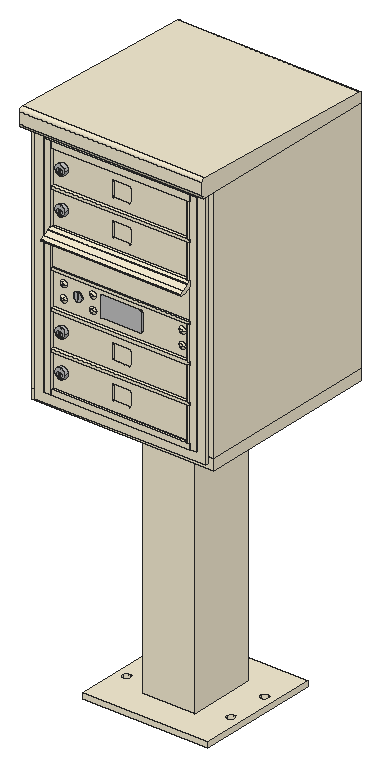
Revit family "Mailboxes_4C-Salsbury_Industries-Pedestal_Mounted-6_Door_High_Units", category Specialty Equipment, Revit 2016 (continued)
Definition of nested family "Mailboxes_4C-Salsbury_Industries-Front_Load-6_Door_High_Units"
  Definition of nested family "3700 Series 4C Door Configurations"
    Dimensions and locks (in)
      equal spacing: plane 8, plane 9, plane 2 "Bottom of Door"
      locked: plane 14 "Divider Height Align" to plane 8 at 0.27
      plane 17 to plane 9 to plane 18 = 0.37515" locked, 0.37452" locked
      aligned and locked: level to plane 2 "Bottom of Door"
      aligned and locked: plane 4 "Left Side Face of Door" to Extrusion 1
      aligned and locked: plane 6 "Back Face of Door" to Extrusion 1
      aligned and locked: plane 7 "Front Face of Door" to Extrusion 1
      aligned and locked: plane 8 to Extrusion 1
      aligned and locked: Extrusion 3 sketch curve to plane 4 "Left Side Face of Door"
      aligned and locked: Extrusion 3 sketch curve to plane 6 "Back Face of Door"
      aligned and locked: plane 5 "Right Side Face of Door" to Extrusion 3 sketch curve
      aligned and locked: Extrusion 3 to plane 8
      aligned and locked: plane 10 "Face of Divider" to Extrusion 3 sketch curve
      aligned and locked: plane 14 "Divider Height Align" to Extrusion 3
      aligned and locked: cut or joined group of Extrusion 1, Extrusion 6 to plane 2 "Bottom of Door"
      aligned and locked: plane 18 to text3d elem
    Automatic sketch dimensions
      Extrusion 1 sketch curve to plane 4 "Left Side Face of Door" = 0.000"
      Extrusion 1 sketch curve to plane 6 "Back Face of Door" = 0.000"
      Extrusion 1 sketch curve to plane 7 "Front Face of Door" = 0.000"
      Extrusion 1 sketch curve to plane 5 "Right Side Face of Door" = 0.000"
      Extrusion 1 sketch curve to plane 4 "Left Side Face of Door" = 0.252"
      plane 5 "Right Side Face of Door" to Extrusion 1 sketch curve = 0.63125"
      Extrusion 1 sketch curve to plane 7 "Front Face of Door" = 0.10935"
      plane 5 "Right Side Face of Door" to Extrusion 1 sketch curve = 0.195"
      Extrusion 1 sketch curve to plane 7 "Front Face of Door" = 0.14468"
      plane 10 "Face of Divider" to Extrusion 1 sketch curve = 0.12271"
      plane 1 "Center (Front/Back)" to Extrusion 1 sketch curve = 0.05445"
      plane 10 "Face of Divider" to Extrusion 1 sketch curve = 0.16676"
      Blend 2 sketch curve to plane 9 = 0.000"  (x2)
      plane 11 "Center Lock Vertical" to Blend 2 sketch curve = 0.000"  (x2)
      plane 11 "Center Lock Vertical" to Extrusion 4 sketch curve = 0.000"
      Extrusion 4 sketch curve to plane 9 = 0.120"
      Extrusion 4 sketch curve to Extrusion 4 sketch curve = 0.285"
      plane 11 "Center Lock Vertical" to Extrusion 5 sketch curve = 0.02933"
      Extrusion 5 sketch curve to plane 11 "Center Lock Vertical" = 0.03067"
      Extrusion 5 sketch curve to plane 9 = 0.2917"
      plane 9 to Extrusion 5 sketch curve = 0.0083"
      Extrusion 6 sketch curve to plane 9 = 0.750"
      Extrusion 6 sketch curve to Extrusion 6 sketch curve = 0.125"  (x3)
      plane 9 to Extrusion 6 sketch curve = 0.625"  (x2)
      plane 3 "Center (Left/Right)" to Extrusion 6 sketch curve = 0.7775"
      plane 15 "Inset Center" to Extrusion 6 sketch curve = 0.750"
      curve 1 to plane 9 = 0.000"
      plane 11 "Center Lock Vertical" to curve 1 = 0.000"
      radius of Blend 2 sketch curve = 0.525"
      radius of Blend 2 sketch curve = 0.485"
      radius of curve 1 = 0.53054"
  Definition of nested family "3700 Series 4C OM2 Configuration"
    Parameters (values of type "OM2-FL")
      Weight = ""
      URL = ""
      Access Lock Offset = 0.000"
      Access Lock = yes
      Model = "3700OM2-FL"
      Manufacturer = "Salsbury Industries"
      Lock Material = none
      Front Panel Material = none
      Door Width = 13.375"
      Door Number [instance] = "101"
      Door Height = 7.00047"
      Door Depth = 0.25391"
      Description = "OM2 Door for 3700 Series 4C Mailboxes-Front Loading"
      Cost = 0
      Center Lock-Vertical = 2.360"
      Center Lock-Horizontal = 1.61523"
    Types (3): name | Access Lock Offset | Access Lock | Model | Description
      (no name) | 0.000" | yes | "3700OM2-FL" | "OM2 Door for 3700 Series 4C Mailboxes-Front Loading"
      OM2-FL | 0.000" | yes | "3700OM2-FL" | "OM2 Door for 3700 Series 4C Mailboxes-Front Loading"
      OM2-RL | 0.3125" | no | "3700OM2-RL" | "OM2 Door for 3700 Series 4C Mailboxes-Rear Loading"
    Reference planes (in)
      plane 1 "Center (Front/Back)": y = 0
      plane 2 "Bottom of Door": z = 0
      plane 3 "Center (Left/Right)": x = 0
      plane 4 "Left Side Face of Door": x = -6.6875
      plane 5 "Right Side Face of Door": x = 6.6875
      plane 6 "Back Face of Door": y = 0.12695
      plane 7 "Front Face of Door": y = -0.12695
      plane 8: z = 3.23047
      plane 9: z = 1.61523
      plane 10: y = -0.46995
      plane 11 "Center Lock Vertical": x = -4.3275
      plane 12 "Center Lock Horizontal": z = 1.61523
      plane 13 "Face of Lock": y = -0.42383
      plane 14 "Divider Height Align": z = 3.50047
      plane 15 "Plate Center": x = -0.16063
      plane 16 "Left Stud Align": x = -5.7025
      plane 17 "Right Stud Align": x = -2.8895
      plane 18 "Top Stud Align": z = 2.27147
      plane 19 "Bottom Stud Align": z = 0.95947
      plane 20 "Hinge Stud Align": x = 5.6875
      plane 21 "Mail Plate Top": z = 2.61547
      plane 22 "Mail Plate Bottom": z = 0.61547
      plane 23: x = -2.1595
      plane 24: x = 1.8405
      plane 25 "Face of Mail Plate": y = -0.16602
      plane 26 "Top of Mail Drop Door": z = 6.73094
      plane 27 "Top of Mail Drop Divider": z = 7.00047
      plane 28 "Face of Mail Drop": y = -0.31995
      plane 29 "Top of Mail Slot": z = 6.42087
      plane 30 "Bottom of Mail Slot": z = 5.67087
      plane 31 "Left Edge of Mail Slot": x = -5.3755
      plane 32 "Right Edge of Mail Slot": x = 5.3755
      plane 33 "Mail Slot Bottom Protusion": z = 6.50987
      plane 34: y = -0.49395
      plane 35: z = 6.15637
      plane 36 "Front of Awning": y = -1.63495
      plane 37: y = -1.15685
      plane 38 "Mail Slot Slope": through (-240, -0.44582, 6.9722) normal (0, -0.5, 0.866)
      plane 39 "Access Lock Offset": y = 0.12695
    Forms (in)
      Extrusion 1, solid, material <- "Front Panel Material"
        sketch origin (0, 0, 0) x (1, 0, 0) y (0, 1, 0)
          loop
            line (-6.4355, 0.12695) -> (-6.6875, -0.05445) -> (-6.6875, -0.12695) -> (6.05625, -0.12695)
            arc (6.05625, -0.12695) -> (6.19558, -0.17661) -> (6.27209, -0.3032) r 0.22029
            arc (6.27209, -0.3032) -> (6.3553, -0.42132) -> (6.4925, -0.46664) r 0.23034
            arc (6.4925, -0.46664) -> (6.63039, -0.40952) -> (6.6875, -0.27164) r 0.195
            line (6.6875, -0.27164) -> (6.6875, 0.12695) -> (-6.4355, 0.12695)
        from 0 to 3.23047
      Extrusion 2, solid, material <- "Front Panel Material"
        sketch origin (0, 0, 3.50047) x (-1, 0, 0) y (0, -1, 0)
          loop
            line (6.6875, -0.12695) -> (6.6875, 0.46995) -> (-6.6875, 0.46995) -> (-6.6875, -0.12695) -> (6.6875, -0.12695)
        from -0.27 to 0
      Extrusion 3, void
        sketch origin (0, 0.12695, 0) x (0, 0, -1) y (-1, 0, 0)
          loop
            circle (-1.61523, 4.3275) r 0.4375
        from 0 to -0.25391
      Extrusion 4, solid, material <- "Lock Material", visible <- "Access Lock"
        sketch origin (0, 0.12695, 0) x (0, 0, -1) y (-1, 0, 0)
          loop
            circle (-1.61523, 4.3275) r 0.42913
        from 0 to -0.25391
      Extrusion 5, void, detail levels fine
        sketch origin (0, 0.12695, 3.4) x (-1, 0, 0) y (0, 0, 1)
          loop
            line (4.3568, -1.47517) -> (4.2982, -1.47517) -> (4.2982, -2.09436) -> (4.3568, -2.09436) -> (4.3568, -1.47517)
        from -0.12695 to -0.25391
      Blend 6, solid, material <- "Front Panel Material", detail levels medium+fine
        base sketch origin (0, -0.12695, 2.68123) x (-1, 0, 0) y (0, 0, 1)
          loop
            circle (5.7025, -0.40977) r 0.15665
        top sketch origin (0, -0.12695, 2.68123) x (-1, 0, 0) y (0, 0, 1)
          loop
            circle (5.7025, -0.40977) r 0.3125
        from -0.11328 to 0
      Blend 7, solid, material <- "Front Panel Material", detail levels medium+fine
        base sketch origin (1.3125, -0.12695, 2.68123) x (-1, 0, 0) y (0, 0, 1)
          loop
            circle (4.202, -0.40977) r 0.15665
        top sketch origin (1.3125, -0.12695, 2.68123) x (-1, 0, 0) y (0, 0, 1)
          loop
            circle (4.202, -0.40977) r 0.3125
        from -0.11328 to 0
      Blend 8, solid, material <- "Front Panel Material", detail levels medium+fine
        base sketch origin (0, -0.12695, 1.36923) x (-1, 0, 0) y (0, 0, 1)
          loop
            circle (5.7025, -0.40977) r 0.15665
        top sketch origin (0, -0.12695, 1.36923) x (-1, 0, 0) y (0, 0, 1)
          loop
            circle (5.7025, -0.40977) r 0.3125
        from -0.11328 to 0
      Blend 9, solid, material <- "Front Panel Material", detail levels medium+fine
        base sketch origin (1.3125, -0.12695, 1.36923) x (-1, 0, 0) y (0, 0, 1)
          loop
            circle (4.202, -0.40977) r 0.15665
        top sketch origin (1.3125, -0.12695, 1.36923) x (-1, 0, 0) y (0, 0, 1)
          loop
            circle (4.202, -0.40977) r 0.3125
        from -0.11328 to 0
      Blend 10, solid, material <- "Front Panel Material", detail levels medium+fine
        base sketch origin (9.8895, -0.12695, 2.68123) x (-1, 0, 0) y (0, 0, 1)
          loop
            circle (4.202, -0.40977) r 0.15665
        top sketch origin (9.8895, -0.12695, 2.68123) x (-1, 0, 0) y (0, 0, 1)
          loop
            circle (4.202, -0.40977) r 0.3125
        from -0.11328 to 0
      Blend 11, solid, material <- "Front Panel Material", detail levels medium+fine
        base sketch origin (9.8895, -0.12695, 1.36923) x (-1, 0, 0) y (0, 0, 1)
          loop
            circle (4.202, -0.40977) r 0.15665
        top sketch origin (9.8895, -0.12695, 1.36923) x (-1, 0, 0) y (0, 0, 1)
          loop
            circle (4.202, -0.40977) r 0.3125
        from -0.11328 to 0
      Extrusion 12, solid, material <- "Lock Material"
        sketch origin (0, -0.12695, 0) x (-1, 0, 0) y (0, 0, 1)
          loop
            line (1.96028, 2.61547) -> (-1.64128, 2.61547)
            arc (-1.64128, 2.61547) -> (-1.78215, 2.55712) -> (-1.8405, 2.41625) r 0.19922
            line (-1.8405, 2.41625) -> (-1.8405, 0.81469)
            arc (-1.8405, 0.81469) -> (-1.78215, 0.67382) -> (-1.64128, 0.61547) r 0.19922
            line (-1.64128, 0.61547) -> (1.96028, 0.61547)
            arc (1.96028, 0.61547) -> (2.10115, 0.67382) -> (2.1595, 0.81469) r 0.19922
            line (2.1595, 0.81469) -> (2.1595, 2.41625)
            arc (2.1595, 2.41625) -> (2.10115, 2.55712) -> (1.96028, 2.61547) r 0.19922
        from 0 to -0.03906
      Extrusion 13, solid, material <- "Front Panel Material"
        sketch origin (-2.13946, 0, 3.50047) x (-1, 0, 0) y (0, -1, 0)
          loop
            line (4.54804, -0.12695) -> (4.54804, 0.31995) -> (-8.82696, 0.31995) -> (-8.82696, -0.12695) -> (4.54804, -0.12695)
        from 0 to 3.0094
      Extrusion 14, void
        sketch origin (0, -0.31995, 0) x (0, 0, -1) y (-1, 0, 0)
          loop
            arc (-5.67087, 5.0005) -> (-6.04587, 5.3755) -> (-6.42087, 5.0005) r 0.375
            line (-6.42087, 5.0005) -> (-6.42087, -5.0005)
            arc (-6.42087, -5.0005) -> (-6.04587, -5.3755) -> (-5.67087, -5.0005) r 0.375
            line (-5.67087, -5.0005) -> (-5.67087, 5.0005)
        from 0 to 0.44691
      Extrusion 15, solid, material <- "Front Panel Material"
        sketch origin (0, 0, 0) x (0, 1, 0) y (0, 0, 1)
          loop
            line (0.12695, 6.50987) -> (0.12695, 7.00047) -> (-0.46995, 7.00047) -> (-0.75605, 6.83078) -> (-0.73973, 6.80251) -> (-1.27431, 6.49388) -> (-1.29063, 6.52214) -> (-1.61027, 6.3376)
            arc (-1.61027, 6.3376) -> (-1.63087, 6.31111) -> (-1.62714, 6.27777) r 0.04454
            line (-1.62714, 6.27777) -> (-1.5282, 6.17883)
            arc (-1.5282, 6.17883) -> (-1.4937, 6.16211) -> (-1.4558, 6.15637) r 0.12791
            line (-1.4558, 6.15637) -> (-1.10623, 6.15637) -> (-0.49395, 6.50987) -> (0.12695, 6.50987)
        from -6.6875 to 6.6875
    Cuts and joins
      Extrusion 3 cuts Extrusion 1
      Extrusion 5 cuts Extrusion 4
      Extrusion 14 cuts Extrusion 13
    Lines and regions (in)
      symbolic lines
        curve 1: circle (-5.7025, -0.12695, 2.27147) r 0.3125 normal (0, 1, 0)
        curve 2: circle (-5.7025, -0.12695, 0.95947) r 0.3125 normal (0, 1, 0)
        curve 3: circle (-2.8895, -0.12695, 0.95947) r 0.3125 normal (0, 1, 0)
        curve 4: circle (-2.8895, -0.12695, 2.27147) r 0.3125 normal (0, 1, 0)
        curve 5: circle (-4.3275, -0.12695, 1.61523) r 0.42913 normal (0, 1, 0)
        curve 6: circle (5.6875, -0.12695, 0.95947) r 0.3125 normal (0, 1, 0)
        curve 7: circle (5.6875, -0.12695, 2.27147) r 0.3125 normal (0, 1, 0)
        curve 8: arc (-2.1595, -0.12695, 2.41625) -> (-2.10115, -0.12695, 2.55712) -> (-1.96028, -0.12695, 2.61547) r 0.19922
        curve 9: arc (1.8405, -0.12695, 2.41625) -> (1.78215, -0.12695, 2.55712) -> (1.64128, -0.12695, 2.61547) r 0.19922
        curve 10: arc (1.8405, -0.12695, 0.81469) -> (1.78215, -0.12695, 0.67382) -> (1.64128, -0.12695, 0.61547) r 0.19922
        curve 11: arc (-1.96028, -0.12695, 0.61547) -> (-2.10115, -0.12695, 0.67382) -> (-2.1595, -0.12695, 0.81469) r 0.19922
        curve 12: line (-2.1595, -0.12695, 0.81469) -> (-2.1595, -0.12695, 2.41625)
        curve 13: line (-1.96028, -0.12695, 2.61547) -> (1.64128, -0.12695, 2.61547)
        curve 14: line (1.8405, -0.12695, 2.41625) -> (1.8405, -0.12695, 0.81469)
        curve 15: line (1.64128, -0.12695, 0.61547) -> (-1.96028, -0.12695, 0.61547)
    Dimensions and locks (in)
      equal spacing: plane 6 "Back Face of Door", plane 1 "Center (Front/Back)", plane 7 "Front Face of Door"
      "Door Depth": plane 6 "Back Face of Door" to plane 7 "Front Face of Door"
      equal spacing: plane 4 "Left Side Face of Door", plane 3 "Center (Left/Right)", plane 5 "Right Side Face of Door"
      "Door Width": plane 4 "Left Side Face of Door" to plane 5 "Right Side Face of Door"
      plane 8 to level = 3.23047"
      equal spacing: plane 8, plane 9, level
      locked: plane 7 "Front Face of Door" to plane 10 at 0.343
      "Center Lock-Vertical": plane 4 "Left Side Face of Door" to plane 11 "Center Lock Vertical"
      "Center Lock-Horizontal": plane 8 to plane 12 "Center Lock Horizontal"
      locked: plane 14 "Divider Height Align" to plane 8 at 0.27
      plane 4 "Left Side Face of Door" to plane 16 "Left Stud Align" to plane 17 "Right Stud Align" = 0.985", 2.813"
      plane 8 to plane 18 "Top Stud Align" to plane 19 "Bottom Stud Align" = 0.959", 1.312"
      plane 20 "Hinge Stud Align" to plane 5 "Right Side Face of Door" = 1.000"
      plane 8 to plane 21 "Mail Plate Top" to plane 22 "Mail Plate Bottom" = 0.615", 2.000"
      plane 4 "Left Side Face of Door" to plane 23 to plane 24 = 4.528", 4.000"
      plane 27 "Top of Mail Drop Divider" to plane 26 "Top of Mail Drop Door" to plane 14 "Divider Height Align" = 0.26953" locked, 3.23047"
      "Door Height": plane 27 "Top of Mail Drop Divider" to level
      plane 28 "Face of Mail Drop" to plane 10 = 0.150"
      locked: plane 27 "Top of Mail Drop Divider" to plane 29 "Top of Mail Slot" at 0.5796
      locked: plane 29 "Top of Mail Slot" to plane 30 "Bottom of Mail Slot" at 0.75
      locked: plane 4 "Left Side Face of Door" to plane 31 "Left Edge of Mail Slot" at 1.312
      locked: plane 32 "Right Edge of Mail Slot" to plane 5 "Right Side Face of Door" at 1.312
      locked: plane 33 "Mail Slot Bottom Protusion" to plane 29 "Top of Mail Slot" at 0.089
      plane 28 "Face of Mail Drop" to plane 34 = 0.174"
      plane 33 "Mail Slot Bottom Protusion" to plane 35 = 0.3535"
      plane 28 "Face of Mail Drop" to plane 36 "Front of Awning" = 1.315"
      plane 4 "Left Side Face of Door" to plane 5 "Right Side Face of Door" = 13.375"
      plane 6 "Back Face of Door" to plane 36 "Front of Awning" = 1.76191"
      "Access Lock Offset": plane 39 "Access Lock Offset" to plane 6 "Back Face of Door"
      aligned and locked: level to plane 2 "Bottom of Door"
      aligned and locked: plane 4 "Left Side Face of Door" to Extrusion 1
      aligned and locked: plane 6 "Back Face of Door" to Extrusion 1
      aligned and locked: plane 7 "Front Face of Door" to Extrusion 1
      aligned and locked: Extrusion 1 to level
      aligned and locked: plane 8 to Extrusion 1
      aligned and locked: Extrusion 2 sketch curve to plane 4 "Left Side Face of Door"
      aligned and locked: Extrusion 2 sketch curve to plane 6 "Back Face of Door"
      aligned and locked: plane 5 "Right Side Face of Door" to Extrusion 2 sketch curve
      aligned and locked: Extrusion 2 to plane 8
      aligned and locked: plane 10 to Extrusion 2 sketch curve
      aligned and locked: plane 14 "Divider Height Align" to Extrusion 2
      aligned and locked: plane 4 "Left Side Face of Door" to Extrusion 2
      aligned and locked: Extrusion 2 to plane 5 "Right Side Face of Door"
      aligned and locked: Extrusion 13 to plane 28 "Face of Mail Drop"
      aligned and locked: plane 29 "Top of Mail Slot" to Extrusion 14 sketch curve
      aligned and locked: cut or joined group of Extrusion 13, Extrusion 14 to cut or joined group of Extrusion 13, Extrusion 14
      aligned and locked: cut or joined group of Extrusion 1, Extrusion 3 to plane 2 "Bottom of Door"
    Automatic sketch dimensions
      Extrusion 1 sketch curve to plane 4 "Left Side Face of Door" = 0.000"
      Extrusion 1 sketch curve to plane 6 "Back Face of Door" = 0.000"
      Extrusion 1 sketch curve to plane 7 "Front Face of Door" = 0.000"
      Extrusion 1 sketch curve to plane 5 "Right Side Face of Door" = 0.000"
      Extrusion 1 sketch curve to plane 4 "Left Side Face of Door" = 0.252"
      Extrusion 1 sketch curve to plane 20 "Hinge Stud Align" = 0.36875"
      Extrusion 1 sketch curve to plane 25 "Face of Mail Plate" = 0.07029"
      plane 5 "Right Side Face of Door" to Extrusion 1 sketch curve = 0.195"
      Extrusion 1 sketch curve to plane 25 "Face of Mail Plate" = 0.10562"
      Extrusion 1 sketch curve to plane 13 "Face of Lock" = 0.07658"
      plane 1 "Center (Front/Back)" to Extrusion 1 sketch curve = 0.05445"
      Extrusion 1 sketch curve to plane 13 "Face of Lock" = 0.12063"
      Extrusion 5 sketch curve to plane 11 "Center Lock Vertical" = 0.0293"
      plane 11 "Center Lock Vertical" to Extrusion 5 sketch curve = 0.0293"
      Extrusion 5 sketch curve to plane 9 = 0.30959"
      plane 9 to Extrusion 5 sketch curve = 0.30959"
      plane 16 "Left Stud Align" to Blend 6 sketch curve = 0.000"  (x2)
      Blend 6 sketch curve to plane 18 "Top Stud Align" = 0.000"  (x2)
      plane 17 "Right Stud Align" to Blend 7 sketch curve = 0.000"  (x2)
      Blend 7 sketch curve to plane 18 "Top Stud Align" = 0.000"  (x2)
      plane 16 "Left Stud Align" to Blend 8 sketch curve = 0.000"  (x2)
      Blend 8 sketch curve to plane 19 "Bottom Stud Align" = 0.000"  (x2)
      plane 17 "Right Stud Align" to Blend 9 sketch curve = 0.000"  (x2)
      Blend 9 sketch curve to plane 19 "Bottom Stud Align" = 0.000"  (x2)
      Blend 10 sketch curve to plane 18 "Top Stud Align" = 0.000"  (x2)
      plane 20 "Hinge Stud Align" to Blend 10 sketch curve = 0.000"  (x2)
      Blend 11 sketch curve to plane 19 "Bottom Stud Align" = 0.000"  (x2)
      plane 20 "Hinge Stud Align" to Blend 11 sketch curve = 0.000"  (x2)
      plane 24 to Extrusion 12 sketch curve = 0.000"
      Extrusion 12 sketch curve to plane 22 "Mail Plate Bottom" = 0.000"
      Extrusion 12 sketch curve to plane 21 "Mail Plate Top" = 0.000"
      plane 23 to Extrusion 12 sketch curve = 0.000"
      plane 24 to Extrusion 12 sketch curve = 0.19922"  (x2)
      plane 18 "Top Stud Align" to Extrusion 12 sketch curve = 0.14478"
      Extrusion 12 sketch curve to plane 23 = 0.19922"
      Extrusion 13 sketch curve to plane 5 "Right Side Face of Door" = 0.000"
      Extrusion 13 sketch curve to plane 4 "Left Side Face of Door" = 0.000"
      Extrusion 13 sketch curve to plane 6 "Back Face of Door" = 0.000"
      Extrusion 13 sketch curve to plane 7 "Front Face of Door" = 0.193"
      Extrusion 14 sketch curve to plane 30 "Bottom of Mail Slot" = 0.000"
      plane 32 "Right Edge of Mail Slot" to Extrusion 14 sketch curve = 0.375"
      Extrusion 14 sketch curve to plane 31 "Left Edge of Mail Slot" = 0.375"
      Extrusion 15 sketch curve to plane 35 = 0.000"
      Extrusion 15 sketch curve to plane 33 "Mail Slot Bottom Protusion" = 0.000"
      Extrusion 15 sketch curve to plane 34 = 0.000"
      Extrusion 15 sketch curve to plane 27 "Top of Mail Drop Divider" = 0.000"
      Extrusion 15 sketch curve to plane 6 "Back Face of Door" = 0.000"
      plane 26 "Top of Mail Drop Door" to Extrusion 15 sketch curve = 0.07158"
      Extrusion 15 sketch curve to plane 34 = 0.24578"
      plane 26 "Top of Mail Drop Door" to Extrusion 15 sketch curve = 0.09984"
      Extrusion 15 sketch curve to Extrusion 15 sketch curve = 0.01632"
      plane 37 to Extrusion 15 sketch curve = 0.05062"
      Extrusion 15 sketch curve to plane 33 "Mail Slot Bottom Protusion" = 0.01599"
      plane 33 "Mail Slot Bottom Protusion" to Extrusion 15 sketch curve = 0.01227"
      plane 36 "Front of Awning" to Extrusion 15 sketch curve = 0.17915"
      plane 35 to Extrusion 15 sketch curve = 0.02246"
      Extrusion 15 sketch curve to Extrusion 15 sketch curve = 0.0724"
      plane 36 "Front of Awning" to Extrusion 15 sketch curve = 0.04696"
      plane 36 "Front of Awning" to Extrusion 15 sketch curve = 0.02469"
      plane 36 "Front of Awning" to Extrusion 15 sketch curve = 0.00781"
      Extrusion 15 sketch curve to Extrusion 15 sketch curve = 0.05983"
      Extrusion 4 sketch curve to plane 9 = 0.000"
      plane 11 "Center Lock Vertical" to Extrusion 4 sketch curve = 0.000"
      Extrusion 3 sketch curve to plane 9 = 0.000"
      plane 11 "Center Lock Vertical" to Extrusion 3 sketch curve = 0.000"
      curve 6 to plane 19 "Bottom Stud Align" = 0.000"
      plane 20 "Hinge Stud Align" to curve 6 = 0.000"
      curve 7 to plane 18 "Top Stud Align" = 0.000"
      plane 20 "Hinge Stud Align" to curve 7 = 0.000"
      plane 24 to curve 14 = 0.000"
      curve 9 to plane 21 "Mail Plate Top" = 0.000"
      curve 11 to plane 22 "Mail Plate Bottom" = 0.000"
      plane 23 to curve 12 = 0.000"
      plane 17 "Right Stud Align" to curve 4 = 0.000"
      plane 17 "Right Stud Align" to curve 3 = 0.000"
      curve 5 to plane 9 = 0.000"
      plane 11 "Center Lock Vertical" to curve 5 = 0.000"
      plane 16 "Left Stud Align" to curve 1 = 0.000"
      plane 16 "Left Stud Align" to curve 2 = 0.000"
      curve 2 to plane 19 "Bottom Stud Align" = 0.000"
      curve 3 to plane 19 "Bottom Stud Align" = 0.000"
      curve 1 to plane 18 "Top Stud Align" = 0.000"
      curve 4 to plane 18 "Top Stud Align" = 0.000"
      plane 18 "Top Stud Align" to curve 9 = 0.14478"
      curve 10 to plane 19 "Bottom Stud Align" = 0.14478"
      plane 18 "Top Stud Align" to curve 8 = 0.14478"
      curve 11 to plane 19 "Bottom Stud Align" = 0.14478"
      radius of Blend 6 sketch curve = 0.15665"
      radius of Blend 6 sketch curve = 0.3125"
      radius of Blend 7 sketch curve = 0.15665"
      radius of Blend 7 sketch curve = 0.3125"
      radius of Blend 8 sketch curve = 0.15665"
      radius of Blend 8 sketch curve = 0.3125"
      radius of Blend 9 sketch curve = 0.15665"
      radius of Blend 9 sketch curve = 0.3125"
      radius of Blend 10 sketch curve = 0.15665"
      radius of Blend 10 sketch curve = 0.3125"
      radius of Blend 11 sketch curve = 0.15665"
      radius of Blend 11 sketch curve = 0.3125"
      radius of Extrusion 4 sketch curve = 0.42913"
      radius of Extrusion 3 sketch curve = 0.4375"
      radius of curve 1 = 0.3125"
      radius of curve 2 = 0.3125"
      radius of curve 3 = 0.3125"
      radius of curve 4 = 0.3125"
      radius of curve 5 = 0.42913"
      radius of curve 6 = 0.3125"
      radius of curve 7 = 0.3125"
Types (7): name | Width | Model | Door Slot R6 Number | Door Slot R5 Number | Door Slot R2 Number | Door Slot R1 Number | Door Slot L6 Number | Door Slot L5 Number | Door Slot L4 Number | Door Slot L3 Number | Door Slot L2 Number | Door Slot L1 Number | Description | 4C Unit
  3406D-10 | 32.250" | "3406D-10" | "10" | "9" | "8" | "7" | "6" | "5" | "4" | "3" | "2" | "1" | "6 Door High Unit:  10 MB1, OM2" | Mailboxes_4C-Salsbury_Industries-Front_Load-6_Door_High_Units : 3706D-10 FL
  3406D-09 | 32.250" | "3406D-09" | "9" | "0" | "8" | "7" | "6" | "5" | "4" | "3" | "2" | "1" | "6 Door High Unit:  9 MB1, OM3" | Mailboxes_4C-Salsbury_Industries-Front_Load-6_Door_High_Units : 3706D-09 FL
  3406D-05 | 32.250" | "3406D-05" | "5" | "4" | "3" | "2" | "1P" | "0" | "0" | "0" | "0" | "1" | "6 Door High Unit:  5 MB1, 1 PL5, OM2" | Mailboxes_4C-Salsbury_Industries-Front_Load-6_Door_High_Units : 3706DA-05 FL
  3406D-2P | 32.250" | "3406D-2P" | "2P" | "0" | "0" | "0" | "1P" | "0" | "0" | "0" | "0" | "0" | "6 Door High Unit:  2 PL6" | Mailboxes_4C-Salsbury_Industries-Front_Load-6_Door_High_Units : 3706D-2P FL
  3406S-1P | 17.496" | "3406S-1P" | "1P" | "0" | "0" | "0" | "0" | "0" | "0" | "0" | "0" | "0" | "6 Door High Unit:  1 PL6" | Mailboxes_4C-Salsbury_Industries-Front_Load-6_Door_High_Units : 3706S-1P FL
  3406S-03 | 17.496" | "3406S-03" | "3" | "0" | "2" | "1" | "0" | "0" | "0" | "0" | "0" | "0" | "6 Door High Unit:  3 MB1, OM3" | Mailboxes_4C-Salsbury_Industries-Front_Load-6_Door_High_Units : 3706S-03 FL
  3406S-04 | 17.496" | "3406S-04" | "4" | "3" | "2" | "1" | "0" | "0" | "0" | "0" | "0" | "0" | "6 Door High Unit:  4 MB1, OM2" | Mailboxes_4C-Salsbury_Industries-Front_Load-6_Door_High_Units : 3706S-04 FL
